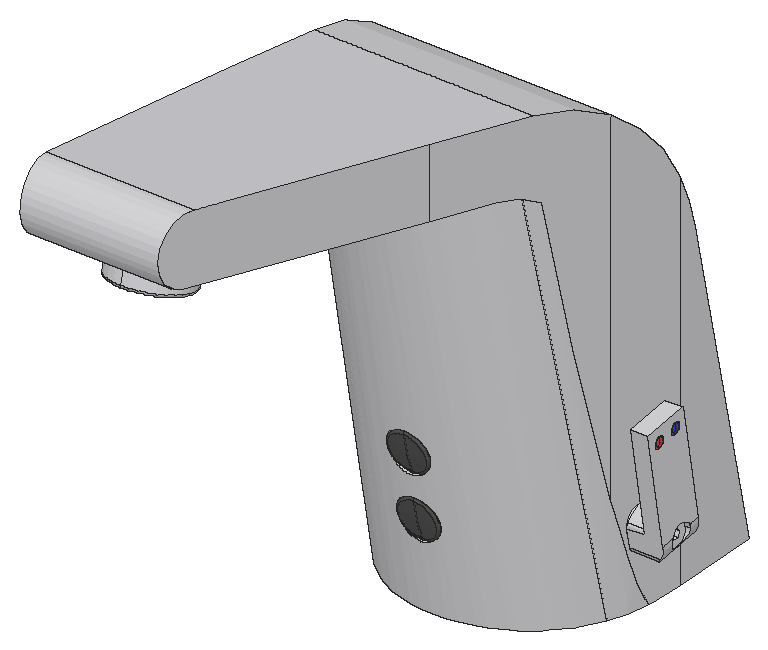
Revit family "Faucet_Touchless-Lavatory-KOHLER-CONTEMPORARY-K-13464T", category Plumbing Fixtures, host Face, Revit 2017
Family settings
  Host = Face
  Round Connector Dimension = Use Diameter
  Part Type = Normal
  OmniClass Number = 23.31.11.00
  OmniClass Title = Faucets
  Cut with Voids When Loaded = No
  Shared = No
  Room Calculation Point = No
Parameters (values of type "CP-Polished Chrome")
  Width = 2 153/256"  # constant formula
  WaterSense Certified = 1 = 0  # no
  Waste Water Outlet = "Waste Water Outlet"  # constant formula
  Waste Connection = 1 = 0  # no
  Voltage = 220 V  # constant formula
  Vent Connection = 1 = 0  # no
  URL = "http://www.kohler.com.cn/"
  Type = 1
  Tempered Water Inlet = "Tempered Water Inlet"  # constant formula
  Spout Reach = 4 123/128"  # constant formula
  Product Page URL = "https://www.kohler.com.cn/product/K-13464T-CP/K-13464T-CP/"
  Product Name = "CONTEMPORARY"  # constant formula
  Product Documentation Link = "https://files.kohler.com.cn/pdfs/k_13460_65t.pdf"
  Pressure = 45.00 psi  # constant formula
  Model = "K-13464T-CP"  # constant formula
  Material = "Premium Metal Construction"  # constant formula
  Master Format 2014 Name = "Residential Faucets, Supplies, and Trim"  # constant formula
  Master Format 2014 = "22 41 39"  # constant formula
  Manufacturer Address = "Kohler Beijing Office (100016) 36-2-03-B, No. 88, Liuxiang Road, Beijing"  # constant formula
  Manufacturer = "KOHLER Co."  # constant formula
  Length = Spout Reach  # 4 123/128"
  Hot Water Inlet = "Hot Water Inlet"  # constant formula
  Height = 5 53/64"  # constant formula
  Handle Clearance = 1 23/128"  # constant formula
  HW Connection = 1 = 1  # yes
  Flow Rate = 1.5 GPM  # constant formula
  Finish = Kohler-Metal-CP-Polished_Chrome
  Environmental Product Declaration = ""
  Electrical Note = ""
  Electrical Connector = 1 = 1  # yes
  Drain Included = 1 = 1  # yes
  Description = "Elegant type induction faucet AC (hot and cold mixed type with AC power box)"  # constant formula
  Default Elevation = 36"
  Declare Label = ""
  Date Modified = "09/10/2020"  # constant formula
  Date Created = "09/10/2020"  # constant formula
  Copyright = "Copyright KOHLER Co."  # constant formula
  Contact Us = "http://www.kohler.com.cn/contact/contact-us/"
  Cold Water Inlet = "Cold Water Inlet"  # constant formula
  CW Connection = 1 = 0  # no
  Assembly Code = "D2010"
  Apparent Load = 0 VA
  ADA Compliant = 1 = 0  # no
Reference planes (in)
  plane 1 "Center (Front/Back)": y = 0
  plane 2: z = 0
  plane 3 "Center (Left/Right)": x = 0
  plane 4: x = -1.29921
  plane 5: x = 1.29844
  plane 6: y = 1.29921
  plane 7: y = -1.29921
  plane 8: x = 1.70666
  plane 9: z = 5.82812
  plane 10: z = 4.72441
  plane 11: through (0, -5.7626, 1.04078) normal (0, -0.1736, 0.9848)
  plane 12: through (0, -4.86609, 0.00097) normal (0, -0.1736, 0.9848)
  plane 13: y = -4.96094
  plane 14: through (0, -0.59173, 1.89398) normal (0, 0.9848, 0.1736)
  plane 15: through (0, 0.07369, 0.76967) normal (0, -0.9848, -0.1736)
Dimensions and locks (in)
  "Width": plane 4 to plane 5
  plane 4 to plane 8 = 3.00587"
  "Handle Clearance": plane 11 to plane 12
  locked: plane 6 to plane 7 at 2.59843
  "Spout Reach": plane 1 "Center (Front/Back)" to plane 13
  "Height": plane 9 to plane 2
  locked: plane 10 to plane 2 at 4.72441
  aligned and locked: host face to plane 2
  aligned and locked: host face to level
Automatic sketch dimensions
  host sketch curve to host sketch curve = 96"  (x2)
Nested families (in)
  nested 1: "K-13464T" at (0, 0, 0), type "K-13464T"
Connectors (in)
  piping at (0, 0, 0), diameter 0.5, driven by "Flow Rate", driven by "Pressure", driven by "HW Connection", driven by "Tempered Water Inlet"
    settings: on nested 1, index 1, connector inside diameter 24", connector length 0", flow factor 0, pipe flow 1.5 GPM, pressure drop 45.00 psi, fitting loss kfactor 0, connector angle 0.00°, fixture units 0, engagement length 0", angle of deflection 0.00°, flow configuration 1, flow direction 1, fitting loss method 4, system type 19, joint type 0, gender type 0, connector reference index -1, connector utility 1, adjustable connector no, is connector primary yes, connector description "Tempered Water Inlet"
  electrical at (0, 0.92343, 1.62769), driven by "Voltage", driven by "Electrical Connector"
    settings: on nested 1, index 2, voltage 220 V, apparent load 0 VA, apparent load phase1 0 VA, apparent load phase2 0 VA, apparent load phase3 0 VA, power factor 1, load classification "Other", number of poles 1, system type 30, power factor state 1, is connector primary yes, connector utility yes, sub classification motor no, connector description ""
Definition of nested family "K-13464T"
  Parameters (values of type "K-13464T")
    Material = none
  Reference planes (in)
    plane 1 "Center (Front/Back)": y = 0
    plane 2: z = 0
    plane 3 "Center (Left/Right)": x = 0
    plane 4: z = 5.82677
    plane 5: x = -1.29921
    plane 6: x = 1.29921
    plane 7: y = -4.96063
    plane 8: z = 4.72441
    plane 9: y = 1.29921
    plane 10: y = -1.29921
    plane 11: z = 2.02623
    plane 12: x = 1.70666
    plane 13: through (0, -0.17386, 2.02623) normal (0, 0.1736, -0.9848)
    plane 14: z = 0.82799
    plane 15: through (0, -0.22375, 0.81854) normal (0, 0.1736, -0.9848)
  Forms (in)
    Extrusion 1, solid, material <- "Material", detail levels medium+fine
      sketch origin (0, 0, 0) x (0, 1, 0) y (0, 0, 1)
        loop
          line (1.29921, 0) -> (0.54765, 3.25539)
          arc (0.54765, 3.25539) -> (-0.14401, 4.47071) -> (-1.38923, 5.10698) r 2.44094
          line (-1.38923, 5.10698) -> (-5.34593, 5.83465)
          arc (-5.34593, 5.83465) -> (-5.75678, 5.55145) -> (-5.47357, 5.14061) r 0.35284
          line (-5.47357, 5.14061) -> (-1.82992, 4.47051)
          arc (-1.82992, 4.47051) -> (-1.11947, 4.10409) -> (-0.73199, 3.4049) r 1.37795
          line (-0.73199, 3.4049) -> (0, 0) -> (1.29921, 0)
      from -2.27181 to 2.30414
    Extrusion 2, void
      sketch origin (0, 0, 0) x (1, 0, 0) y (0, 1, 0)
        loop
          line (-1.28127, 0.34231) -> (-1.22143, 1.48412) -> (-2.59939, 1.48412) -> (-2.59939, -6.3899) -> (-0.63005, -6.3899)
          arc (-0.63005, -6.3899) -> (-0.86776, -4.51056) -> (-1.03469, -2.62361) r 50.40505
          arc (-1.03469, -2.62361) -> (-1.1248, -1.56497) -> (-1.24762, -0.50963) r 34.33878
          arc (-1.24762, -0.50963) -> (-1.28402, -0.08443) -> (-1.28127, 0.34231) r 4.64811
        loop
          arc (1.28127, 0.34231) -> (1.28402, -0.08443) -> (1.24762, -0.50963) r 4.64811
          arc (1.24762, -0.50963) -> (1.1248, -1.56497) -> (1.03469, -2.62361) r 34.33878
          arc (1.03469, -2.62361) -> (0.86776, -4.51056) -> (0.63005, -6.3899) r 50.40505
          line (0.63005, -6.3899) -> (2.59939, -6.3899) -> (2.59939, 1.48412) -> (1.22143, 1.48412) -> (1.28127, 0.34231)
      from -1.7998 to 5.95302
    Blend 3, solid, material <- "Material", detail levels medium+fine
      base sketch origin (0, 0, 0) x (1, 0, 0) y (0, 1, 0)
        loop
          arc (-1.28659, 0) -> (-1.25976, -0.26136) -> (-1.18041, -0.51181) r 1.28659
          arc (-1.18041, -0.51181) -> (0.00955, -1.28655) -> (1.18787, -0.49424) r 1.28659
          arc (1.18787, -0.49424) -> (1.26167, -0.252) -> (1.28659, 0) r 1.28659
          line (1.28659, 0) -> (-1.28659, 0)
      top sketch origin (0, 0, 0) x (1, 0, 0) y (0, 1, 0)
        loop
          arc (-1.06798, -1.5271) -> (0.00222, -2.18027) -> (1.07242, -1.5271) r 1.20333
          arc (1.07242, -1.5271) -> (1.23902, -1.16074) -> (1.36972, -0.78009) r 4.19118
          line (1.36972, -0.78009) -> (-1.36972, -0.78009)
          arc (-1.36972, -0.78009) -> (-1.23585, -1.16046) -> (-1.06798, -1.5271) r 4.43522
      from 0 to 4.60185
    Revolve 4, void
      sketch origin (0, 0, -0.01845) x (0, 1, 0) y (0, 0, 1)
        loop
          line (-1.76863, 1.62024) -> (-1.43457, 1.70975) -> (-1.4935, 1.9297) -> (-1.82757, 1.84019) -> (-1.76863, 1.62024)
        axis (-1.43457, 1.70975) -> (-1.76863, 1.62024)
      angle from 0 to 360
    Revolve 5, void
      sketch origin (0, 0, -0.73519) x (0, 1, 0) y (0, 0, 1)
        loop
          line (-1.65132, 1.65167) -> (-1.26342, 1.75561) -> (-1.32236, 1.97556) -> (-1.71025, 1.87162) -> (-1.65132, 1.65167)
        axis (-1.26342, 1.75561) -> (-1.65132, 1.65167)
      angle from 0 to 360
    Revolve 6, solid, detail levels medium+fine
      sketch origin (0, 0, 0) x (0, 1, 0) y (0, 0, 1)
        loop
          line (-1.43533, 1.69109) -> (-1.49235, 1.90386) -> (-1.64209, 1.86374)
          arc (-1.64209, 1.86374) -> (-1.65584, 1.85391) -> (-1.65974, 1.83747) r 0.02407
          arc (-1.65974, 1.83747) -> (-1.64389, 1.7387) -> (-1.62152, 1.6412) r 1.50433
          line (-1.62152, 1.6412) -> (-1.43533, 1.69109)
        axis (-1.62152, 1.6412) -> (-1.43533, 1.69109)
      angle from 0 to 360
    Revolve 7, solid, detail levels medium+fine
      sketch origin (0, 0.17191, -0.67067) x (0, 1, 0) y (0, 0, 1)
        loop
          line (-1.43533, 1.69109) -> (-1.49292, 1.90602) -> (-1.68515, 1.85451)
          arc (-1.68515, 1.85451) -> (-1.6989, 1.84469) -> (-1.7028, 1.82825) r 0.02407
          arc (-1.7028, 1.82825) -> (-1.68674, 1.72838) -> (-1.66401, 1.62982) r 1.50433
          line (-1.66401, 1.62982) -> (-1.43533, 1.69109)
        axis (-1.66401, 1.62982) -> (-1.43533, 1.69109)
      angle from 0 to 360
    Revolve 8, solid, material <- "Material", detail levels medium+fine
      sketch origin (0, 0.03202, -0.09216) x (0, 1, 0) y (0, 0, 1)
        loop
          line (-5.36316, 4.91585) -> (-5.3273, 4.90624) -> (-5.30743, 4.9804) -> (-5.2713, 4.97072) -> (-5.282, 4.93079) -> (-4.98348, 4.8508) -> (-4.87612, 5.25148) -> (-5.26763, 5.35639) -> (-5.37854, 4.94248)
          arc (-5.37854, 4.94248) -> (-5.37636, 4.92598) -> (-5.36316, 4.91585) r 0.02174
        axis (-4.87612, 5.25148) -> (-4.99265, 4.81657)
      angle from 0 to 360
    Extrusion 9, solid, material <- "Material", detail levels medium+fine
      sketch origin (-5.59052, -0.01717, -0.01626) x (0, 0.984808, 0.173648) y (0, -0.173648, 0.984808)
        loop
          arc (-0.23412, 0.75822) -> (-0.22957, 0.73549) -> (-0.21663, 0.71626) r 0.05906
          arc (-0.21663, 0.71626) -> (-0.00408, 0.6288) -> (0.20847, 0.71626) r 0.302
          arc (0.20847, 0.71626) -> (0.22141, 0.73549) -> (0.22596, 0.75822) r 0.05906
          line (0.22596, 0.75822) -> (0.22596, 0.95777)
          arc (0.22596, 0.95777) -> (0.22141, 0.9805) -> (0.20847, 0.99972) r 0.05906
          arc (0.20847, 0.99972) -> (-0.00408, 1.08719) -> (-0.21663, 0.99972) r 0.302
          arc (-0.21663, 0.99972) -> (-0.22957, 0.9805) -> (-0.23412, 0.95777) r 0.05906
          line (-0.23412, 0.95777) -> (-0.23412, 0.75822)
      from 6.92911 to 7.58544
    Extrusion 10, solid, material <- "Material", detail levels medium+fine
      sketch origin (-5.59052, -0.01717, -0.01626) x (1, 0, 0) y (0, 0.984808, 0.173648)
        loop
          line (7.29718, 0.22596) -> (7.11308, 0.22596) -> (7.11308, -0.23412) -> (7.29718, -0.23412) -> (7.29718, 0.22596)
      from 0.92109 to 2.16246
    Extrusion 11, void
      sketch origin (-5.59052, -0.01717, -0.01626) x (1, 0, 0) y (0, -0.173648, 0.984808)
        loop
          line (6.9518, 0.6288) -> (6.9518, 0.41306) -> (7.64995, 0.41306) -> (7.64995, 1.237) -> (7.29718, 1.237) -> (7.29718, 0.90439)
          arc (7.29718, 0.90439) -> (7.21646, 0.70952) -> (7.02159, 0.6288) r 0.27559
          line (7.02159, 0.6288) -> (6.9518, 0.6288)
      from -0.31251 to 0.34808
    Extrusion 12, void
      sketch origin (-5.59052, -0.01717, -0.01626) x (0, 0.984808, 0.173648) y (0, -0.173648, 0.984808)
        loop
          circle (0, 0.85799) r 0.12844
      from 7.14069 to 7.39134
    Extrusion 13, solid, material <- "Material", detail levels medium+fine
      sketch origin (-5.59052, -0.01717, -0.01626) x (0, 0.984808, 0.173648) y (0, -0.173648, 0.984808)
        loop
          circle (0, 0.85799) r 0.11811
        loop
          line (-0.05847, 0.85799) -> (-0.02924, 0.80735) -> (0.02924, 0.80735) -> (0.05847, 0.85799) -> (0.02924, 0.90863) -> (-0.02924, 0.90863) -> (-0.05847, 0.85799)
      from 7.14069 to 7.2366
    Extrusion 14, void
      sketch origin (0, 0, 0) x (0, 1, 0) y (0, 0, 1)
        loop
          line (-0.92216, 1.89428) -> (0.35819, 2.12004) -> (0.29713, 2.46638) -> (-0.98323, 2.24062) -> (-0.92216, 1.89428)
      from 1.40447 to 1.92644
    Revolve 15, solid, material <- "Material", detail levels medium+fine
      sketch origin (0, -0.16616, 0.00071) x (1, 0, 0) y (0, 0, 1)
        loop
          line (1.33859, 0.82799) -> (1.33859, 1.00447) -> (1.01179, 1.00447) -> (1.01179, 0.82799) -> (1.33859, 0.82799)
        axis (1.01179, 0.82799) -> (1.33859, 0.82799)
      angle from 0 to 360
    Extrusion 16, void
      sketch origin (0, 0, 0) x (0, 1, 0) y (0, 0, 1)
        loop
          circle (-0.45578, 1.83693) r 0.06349
        loop
          circle (-0.24721, 1.8748) r 0.06349
      from 1.59977 to 1.74802
    Revolve 17, solid, detail levels medium+fine
      sketch origin (0, -0.24721, 0) x (1, 0, 0) y (0, 0, 1)
        loop
          line (1.59977, 1.93829) -> (1.59977, 1.8748) -> (1.70666, 1.8748)
          arc (1.70666, 1.8748) -> (1.70593, 1.897) -> (1.70375, 1.91911) r 0.33922
          arc (1.70375, 1.91911) -> (1.69642, 1.93281) -> (1.68188, 1.93829) r 0.02206
          line (1.68188, 1.93829) -> (1.59977, 1.93829)
        axis (1.70666, 1.8748) -> (1.59977, 1.8748)
      angle from 0 to 360
    Revolve 18, solid, detail levels medium+fine
      sketch origin (0, -0.45453, -0.03883) x (1, 0, 0) y (0, 0, 1)
        loop
          line (1.59977, 1.93829) -> (1.59977, 1.8748) -> (1.70666, 1.8748)
          arc (1.70666, 1.8748) -> (1.70593, 1.897) -> (1.70375, 1.91911) r 0.33922
          arc (1.70375, 1.91911) -> (1.69642, 1.93281) -> (1.68188, 1.93829) r 0.02206
          line (1.68188, 1.93829) -> (1.59977, 1.93829)
        axis (1.70666, 1.8748) -> (1.59977, 1.8748)
      angle from 0 to 360
    Revolve 19, void
      sketch origin (0, 0, 0) x (0, 1, 0) y (0, 0, 1)
        loop
          line (-4.97091, 4.68605) -> (-4.85166, 5.13109) -> (-5.28554, 5.24735) -> (-5.40479, 4.8023) -> (-4.97091, 4.68605)
        axis (-4.85166, 5.13109) -> (-4.97091, 4.68605)
      angle from 0 to 360
    Extrusion 20, solid, material <- "Material", detail levels coarse
      sketch origin (0, 0, 0) x (0, 1, 0) y (0, 0, 1)
        loop
          line (1.29921, 0) -> (0.1871, 4.81707) -> (-5.7626, 5.91128) -> (-5.7626, 5.19376) -> (-2.16764, 4.53262) -> (-1.28659, 0) -> (1.29921, 0)
      from -1.26438 to 1.33859
    Revolve 21, solid, material <- "Material", detail levels coarse
      sketch origin (0, 0, 0) x (0, 1, 0) y (0, 0, 1)
        loop
          line (-4.84446, 5.20298) -> (-5.22475, 5.30488) -> (-5.35217, 4.82932) -> (-4.97189, 4.72743) -> (-4.84446, 5.20298)
        axis (-4.84446, 5.20298) -> (-4.97189, 4.72743)
      angle from 0 to 360
    Extrusion 22, solid, material <- "Material", detail levels coarse
      sketch origin (0, 0.14089, 0.04686) x (1, 0, 0) y (0, -0.173648, 0.984808)
        loop
          line (1.52256, 1.06292) -> (1.01353, 1.06292) -> (1.01353, 0.59305) -> (1.70666, 0.59305) -> (1.70666, 2.02623) -> (1.52256, 2.02623) -> (1.52256, 1.06292)
      from -0.06541 to 0.41069
    Extrusion 23, solid, material <- "Material", detail levels medium+fine
      sketch origin (0, 0, 0) x (1, 0, 0) y (0, 1, 0)
        loop
          circle (0, 0) r 0.09843
      from 0 to 0.06968
  Cuts and joins
    Extrusion 2, Revolve 19 cuts Extrusion 1
    Extrusion 2, Revolve 4, Revolve 5 cuts Blend 3
    Extrusion 11, Extrusion 12, Extrusion 14, Extrusion 16 cuts Extrusion 9
    Extrusion 12, Extrusion 14, Extrusion 16 cuts Extrusion 10
    joined: Extrusion 1, Blend 3, Revolve 8, Extrusion 9, Extrusion 10, Extrusion 13, Revolve 15
    joined: Revolve 6, Revolve 7
    joined: Extrusion 20, Revolve 21, Extrusion 22
  Lines and regions (in)
    Masking region 1
      outline origin (0, 0, 0) x (1, 0, 0) y (0, 0, 1)
        loop
          arc (-0.75356, 5.82677) -> (-0.77308, 5.82159) -> (-0.78746, 5.80742) r 0.03937
          arc (-0.78746, 5.80742) -> (-1.00931, 5.39333) -> (-1.19595, 4.96222) r 5.64136
          arc (-1.19595, 4.96222) -> (-1.26209, 4.6495) -> (-1.28497, 4.33069) r 2.33902
          line (-1.28497, 4.33069) -> (-1.29921, 0) -> (1.29921, 0) -> (1.29707, 0.65079) -> (1.33859, 0.65079) -> (1.33859, 0.61735)
          arc (1.33859, 0.61735) -> (1.34339, 0.60241) -> (1.35599, 0.59305) r 0.02566
          line (1.35599, 0.59305) -> (1.47762, 0.59305)
          arc (1.47762, 0.59305) -> (1.63958, 0.66014) -> (1.70666, 0.82209) r 0.22903
          line (1.70666, 0.82209) -> (1.70666, 1.99116)
          arc (1.70666, 1.99116) -> (1.69639, 2.01595) -> (1.67159, 2.02623) r 0.03507
          line (1.67159, 2.02623) -> (1.55533, 2.02623)
          arc (1.55533, 2.02623) -> (1.53216, 2.01663) -> (1.52256, 1.99346) r 0.03276
          line (1.52256, 1.99346) -> (1.52256, 1.13347)
          arc (1.52256, 1.13347) -> (1.5019, 1.08358) -> (1.45201, 1.06292) r 0.07055
          line (1.45201, 1.06292) -> (1.35599, 1.06292)
          arc (1.35599, 1.06292) -> (1.34339, 1.05357) -> (1.33859, 1.03862) r 0.02566
          line (1.33859, 1.03862) -> (1.33859, 1.00518) -> (1.29591, 1.00518) -> (1.28497, 4.33069)
          arc (1.28497, 4.33069) -> (1.26209, 4.6495) -> (1.19595, 4.96222) r 2.33902
          arc (1.19595, 4.96222) -> (1.00931, 5.39333) -> (0.78746, 5.80742) r 5.64136
          arc (0.78746, 5.80742) -> (0.77308, 5.82159) -> (0.75356, 5.82677) r 0.03937
          line (0.75356, 5.82677) -> (-0.75356, 5.82677)
    Masking region 2
      outline origin (0, 0, 0) x (0, 1, 0) y (0, 0, 1)
        loop
          line (-1.38923, 5.10698) -> (-5.30309, 5.82677)
          arc (-5.30309, 5.82677) -> (-5.5487, 5.78544) -> (-5.71769, 5.60247) r 0.38521
          arc (-5.71769, 5.60247) -> (-5.70757, 5.31237) -> (-5.47357, 5.14061) r 0.33274
          line (-5.47357, 5.14061) -> (-5.27714, 5.10448) -> (-5.34378, 4.85579)
          arc (-5.34378, 4.85579) -> (-5.34101, 4.83474) -> (-5.32417, 4.82182) r 0.02773
          line (-5.32417, 4.82182) -> (-4.59401, 4.62617)
          arc (-4.59401, 4.62617) -> (-4.57538, 4.62862) -> (-4.56395, 4.64353) r 0.02454
          line (-4.56395, 4.64353) -> (-4.47973, 4.95783) -> (-2.84081, 4.65642)
          arc (-2.84081, 4.65642) -> (-2.32639, 4.38788) -> (-2.05267, 3.8762) r 0.98425
          line (-2.05267, 3.8762) -> (-1.29921, 0) -> (1.29921, 0) -> (0.54765, 3.25539)
          arc (0.54765, 3.25539) -> (-0.14401, 4.47071) -> (-1.38923, 5.10698) r 2.44094
    Masking region 3
      outline origin (0, 0, 0) x (1, 0, 0) y (0, 1, 0)
        loop
          line (-1.23112, 1.29921) -> (-1.28127, 0.34231)
          arc (-1.28127, 0.34231) -> (-1.29472, 0.17139) -> (-1.29921, 0) r 3.27478
          arc (-1.29921, 0) -> (-1.28628, -0.25612) -> (-1.24762, -0.50963) r 2.54272
          arc (-1.24762, -0.50963) -> (-1.1248, -1.56497) -> (-1.03469, -2.62361) r 34.33878
          arc (-1.03469, -2.62361) -> (-0.9006, -4.19559) -> (-0.71738, -5.76259) r 50.40505
          line (-0.71738, -5.76259) -> (0.71738, -5.76259)
          arc (0.71738, -5.76259) -> (0.9006, -4.19559) -> (1.03469, -2.62361) r 50.40505
          arc (1.03469, -2.62361) -> (1.1248, -1.56497) -> (1.24762, -0.50963) r 34.33878
          arc (1.24762, -0.50963) -> (1.26321, -0.42637) -> (1.27602, -0.34265) r 2.54272
          line (1.27602, -0.34265) -> (1.33859, -0.34265) -> (1.33859, -0.41495) -> (1.48467, -0.41495)
          arc (1.48467, -0.41495) -> (1.51146, -0.42605) -> (1.52256, -0.45284) r 0.03789
          line (1.52256, -0.45284) -> (1.52256, -0.57419)
          arc (1.52256, -0.57419) -> (1.53063, -0.59368) -> (1.55012, -0.60175) r 0.02756
          line (1.55012, -0.60175) -> (1.6791, -0.60175)
          arc (1.6791, -0.60175) -> (1.69859, -0.59368) -> (1.70666, -0.57419) r 0.02756
          line (1.70666, -0.57419) -> (1.70666, 0.04403)
          arc (1.70666, 0.04403) -> (1.68466, 0.06575) -> (1.65477, 0.07369) r 0.06021
          line (1.65477, 0.07369) -> (1.33859, 0.07369) -> (1.33859, 0.01032) -> (1.2992, 0.01032)
          arc (1.2992, 0.01032) -> (1.29445, 0.17654) -> (1.28127, 0.34231) r 3.27478
          line (1.28127, 0.34231) -> (1.23112, 1.29921) -> (-1.23112, 1.29921)
    symbolic lines, detail levels medium+fine
      curve 1: line (1.29591, 0, 1.00518) -> (1.29707, 0, 0.65079)
      curve 2: line (1.33859, 0, 1.00518) -> (1.33859, 0, 0.65221)
      curve 3: line (1.33859, 0, 0.8863) -> (1.46351, 0, 0.8863)
      curve 4: line (1.33859, 0, 0.65221) -> (1.48989, 0, 0.65221)
      curve 5: line (1.52256, 0, 1.13347) -> (1.52256, 0, 0.94536)
      curve 6: arc (1.52256, 0, 0.94536) -> (1.50526, 0, 0.9036) -> (1.46351, 0, 0.8863) r 0.05906
      curve 7: arc (1.48989, 0, 0.65221) -> (1.63783, 0, 0.71032) -> (1.70666, 0, 0.85359) r 0.21736
      curve 8: line (1.54794, 0, 1.95078) -> (1.67692, 0, 1.95078)
      curve 9: arc (1.67692, 0, 1.95078) -> (1.69731, 0, 1.94271) -> (1.70666, 0, 1.92287) r 0.02979
      curve 10: arc (1.52256, 0, 1.92236) -> (1.52889, 0, 1.94225) -> (1.54794, 0, 1.95078) r 0.02555
      curve 11: line (0, 0, 1.42126) -> (0, 0, 1.86941)
      curve 12: line (0, 0, 1.86941) -> (0, 0, 1.42126)
      curve 13: line (0, 0, 0.73997) -> (0, 0, 1.18813)
      curve 14: line (0, 0, 1.18813) -> (0, 0, 0.73997)
      curve 15: circle (0, 0, 1.65072) r 0.2187 normal (0, -1, 0)
      curve 16: circle (0, 0, 0.96943) r 0.2187 normal (0, -1, 0)
      curve 17: arc (-1.09915, 0, 4.47051) -> (-0.95168, 0, 4.81845) -> (-0.75913, 0, 5.14362) r 2.82844
      curve 18: spline (-0.75913, 0, 5.14362) -> (-0.74705, 0, 5.15525) -> (-0.7358, 0, 5.18934) -> (-0.72613, 0, 5.24358) -> (-0.71871, 0, 5.31426) -> (-0.71405, 0, 5.39656) -> (-0.71246, 0, 5.48489) -> (-0.71405, 0, 5.57322) -> (-0.71871, 0, 5.65552) -> (-0.72613, 0, 5.7262) -> (-0.7358, 0, 5.78044) -> (-0.74705, 0, 5.81453) -> (-0.75913, 0, 5.82616)
      curve 19: arc (-1.28783, 0, 3.46313) -> (-1.23105, 0, 3.97385) -> (-1.09915, 0, 4.47051) r 3.45456
      curve 20: arc (1.09915, 0, 4.47051) -> (0.95168, 0, 4.81845) -> (0.75913, 0, 5.14362) r 2.82844
      curve 21: spline (0.75913, 0, 5.14362) -> (0.74705, 0, 5.15525) -> (0.7358, 0, 5.18934) -> (0.72613, 0, 5.24358) -> (0.71871, 0, 5.31426) -> (0.71405, 0, 5.39656) -> (0.71246, 0, 5.48489) -> (0.71405, 0, 5.57322) -> (0.71871, 0, 5.65552) -> (0.72613, 0, 5.7262) -> (0.7358, 0, 5.78044) -> (0.74705, 0, 5.81453) -> (0.75913, 0, 5.82616)
      curve 22: arc (1.28783, 0, 3.46313) -> (1.23105, 0, 3.97385) -> (1.09915, 0, 4.47051) r 3.45456
      curve 23: line (-0.75913, 0, 5.14362) -> (0.75913, 0, 5.14362)
      curve 24: arc (-0.34078, 0, 5.08546) -> (-0.17093, 0, 5.10588) -> (0, 0, 5.1127) r 2.14539
      curve 25: arc (-0.44146, 0, 5.04642) -> (-0.39318, 0, 5.07126) -> (-0.34078, 0, 5.08546) r 0.25853
      curve 26: arc (-0.44146, 0, 5.0156) -> (-0.44978, 0, 5.03101) -> (-0.44146, 0, 5.04642) r 0.01843
      curve 27: arc (-0.40575, 0, 4.99604) -> (-0.42399, 0, 5.00512) -> (-0.44146, 0, 5.0156) r 0.25731
      curve 28: line (-0.40575, 0, 5.066) -> (-0.40575, 0, 4.75139)
      curve 29: arc (-0.21785, 0, 4.63897) -> (-0.10923, 0, 4.62682) -> (0, 0, 4.62276) r 1.47181
      curve 30: arc (-0.36511, 0, 4.68964) -> (-0.2938, 0, 4.65756) -> (-0.21785, 0, 4.63897) r 0.42836
      curve 31: arc (-0.39551, 0, 4.7153) -> (-0.38151, 0, 4.70104) -> (-0.36511, 0, 4.68964) r 0.10694
      curve 32: arc (-0.40575, 0, 4.75139) -> (-0.40434, 0, 4.73229) -> (-0.39551, 0, 4.7153) r 0.04752
      curve 33: spline (0, 0, 4.81408) -> (-0.08967, 0, 4.81102) -> (-0.17323, 0, 4.80207) -> (-0.24498, 0, 4.78782) -> (-0.30004, 0, 4.76924) -> (-0.33465, 0, 4.74762) -> (-0.34646, 0, 4.72441) -> (-0.33465, 0, 4.7012) -> (-0.30004, 0, 4.67957) -> (-0.24498, 0, 4.661) -> (-0.17323, 0, 4.64675) -> (-0.08967, 0, 4.6378) -> (0, 0, 4.63474)
      curve 34: spline (0, 0, 4.63474) -> (0.08967, 0, 4.6378) -> (0.17323, 0, 4.64675) -> (0.24498, 0, 4.661) -> (0.30004, 0, 4.67957) -> (0.33465, 0, 4.7012) -> (0.34646, 0, 4.72441) -> (0.33465, 0, 4.74762) -> (0.30004, 0, 4.76924) -> (0.24498, 0, 4.78782) -> (0.17323, 0, 4.80207) -> (0.08967, 0, 4.81102) -> (0, 0, 4.81408)
      curve 35: spline (0.00104, 0, 4.67865) -> (-0.04228, 0, 4.67943) -> (-0.08474, 0, 4.68177) -> (-0.12553, 0, 4.68561) -> (-0.16383, 0, 4.69089) -> (-0.1989, 0, 4.69749) -> (-0.23005, 0, 4.7053) -> (-0.25667, 0, 4.71415) -> (-0.27823, 0, 4.72387) -> (-0.29432, 0, 4.73427) -> (-0.30462, 0, 4.74515) -> (-0.30892, 0, 4.7563) -> (-0.30715, 0, 4.76749)
      curve 36: spline (0.30837, 0, 4.76708) -> (0.30992, 0, 4.75592) -> (0.30545, 0, 4.74482) -> (0.29505, 0, 4.73398) -> (0.27891, 0, 4.72362) -> (0.25737, 0, 4.71395) -> (0.23082, 0, 4.70514) -> (0.1998, 0, 4.69738) -> (0.16491, 0, 4.69082) -> (0.12682, 0, 4.68557) -> (0.08628, 0, 4.68175) -> (0.04408, 0, 4.67943) -> (0.00104, 0, 4.67865)
      curve 37: arc (-0.29461, 0, 4.80361) -> (-0.14834, 0, 4.82984) -> (0, 0, 4.83862) r 1.25685
      curve 38: arc (-0.38435, 0, 4.74953) -> (-0.34365, 0, 4.78348) -> (-0.29461, 0, 4.80361) r 0.17404
      curve 39: arc (-0.37781, 0, 4.69805) -> (-0.39271, 0, 4.72231) -> (-0.38435, 0, 4.74953) r 0.03456
      curve 40: arc (0.21785, 0, 4.63897) -> (0.10923, 0, 4.62682) -> (0, 0, 4.62276) r 1.47181
      curve 41: arc (0.36511, 0, 4.68964) -> (0.2938, 0, 4.65756) -> (0.21785, 0, 4.63897) r 0.42836
      curve 42: arc (0.29461, 0, 4.80361) -> (0.14834, 0, 4.82984) -> (0, 0, 4.83862) r 1.25685
      curve 43: arc (0.38435, 0, 4.74953) -> (0.34365, 0, 4.78348) -> (0.29461, 0, 4.80361) r 0.17404
      curve 44: arc (0.37781, 0, 4.69805) -> (0.39271, 0, 4.72231) -> (0.38435, 0, 4.74953) r 0.03456
      curve 45: arc (0.39551, 0, 4.7153) -> (0.38151, 0, 4.70104) -> (0.36511, 0, 4.68964) r 0.10694
      curve 46: line (0.40575, 0, 5.066) -> (0.40575, 0, 4.75139)
      curve 47: arc (0.40575, 0, 4.75139) -> (0.40434, 0, 4.73229) -> (0.39551, 0, 4.7153) r 0.04752
      curve 48: arc (0.34078, 0, 5.08546) -> (0.17093, 0, 5.10588) -> (0, 0, 5.1127) r 2.14539
      curve 49: arc (0.44146, 0, 5.04642) -> (0.39318, 0, 5.07126) -> (0.34078, 0, 5.08546) r 0.25853
      curve 50: arc (0.44146, 0, 5.0156) -> (0.44978, 0, 5.03101) -> (0.44146, 0, 5.04642) r 0.01843
      curve 51: arc (0.40575, 0, 4.99604) -> (0.42399, 0, 5.00512) -> (0.44146, 0, 5.0156) r 0.25731
      curve 52: line (0, -5.27714, 5.10448) -> (0, -4.47973, 4.95783)
      curve 53: line (0, 0, 0) -> (0, -0.18282, 0.59769)
      curve 54: line (0, -0.58875, 1.92474) -> (0, -1.15667, 3.78141)
      curve 55: line (0, -2.84081, 4.65642) -> (0, -1.95593, 4.49368)
      curve 56: arc (0, -1.95593, 4.49368) -> (0, -1.45658, 4.24944) -> (0, -1.15667, 3.78141) r 1.03079
      curve 57: arc (0, -0.35489, 0.6515) -> (0, -0.13038, 0.60228) -> (0, 0.06375, 0.72532) r 0.302
      curve 58: arc (0, -0.3794, 0.68978) -> (0, -0.37098, 0.66819) -> (0, -0.35489, 0.6515) r 0.05906
      curve 59: arc (0, 0.06375, 0.72532) -> (0, 0.07316, 0.7465) -> (0, 0.07369, 0.76967) r 0.05906
      curve 60: line (0, 0.07369, 0.76967) -> (0, -0.1384, 1.97251)
      curve 61: line (0, -0.59173, 1.89398) -> (0, -0.3794, 0.68978)
      curve 62: line (0, -0.54495, 1.96079) -> (0, -0.20681, 2.02042)
      curve 63: arc (0, -0.54495, 1.96079) -> (0, -0.58218, 1.93707) -> (0, -0.59173, 1.89398) r 0.05768
      curve 64: arc (0, -0.20681, 2.02042) -> (0, -0.16269, 2.01063) -> (0, -0.1384, 1.97251) r 0.05906
      curve 65: arc (0, -0.03967, 0.851) -> (0, -0.18847, 0.95518) -> (0, -0.29265, 0.80639) r 0.12844
      curve 66: arc (0, -0.29265, 0.80639) -> (0, -0.14386, 0.7022) -> (0, -0.03967, 0.851) r 0.12844
      curve 67: arc (0, -0.04985, 0.8492) -> (0, -0.18667, 0.94501) -> (0, -0.28248, 0.80818) r 0.11811
      curve 68: arc (0, -0.28248, 0.80818) -> (0, -0.14565, 0.71238) -> (0, -0.04985, 0.8492) r 0.11811
      curve 69: line (0, -0.22375, 0.81854) -> (0, -0.20375, 0.87349)
      curve 70: line (0, -0.20375, 0.87349) -> (0, -0.14616, 0.88364)
      curve 71: line (0, -0.14616, 0.88364) -> (0, -0.10858, 0.83885)
      curve 72: line (0, -0.10858, 0.83885) -> (0, -0.12858, 0.7839)
      curve 73: line (0, -0.12858, 0.7839) -> (0, -0.18616, 0.77375)
      curve 74: line (0, -0.18616, 0.77375) -> (0, -0.22375, 0.81854)
      curve 75: circle (0, -0.45578, 1.83693) r 0.06349 normal (1, 0, 0)
      curve 76: circle (0, -0.24721, 1.8748) r 0.06349 normal (1, 0, 0)
      curve 77: arc (0, -1.53255, 1.20044) -> (0, -1.46956, 0.99641) -> (0, -1.45154, 0.78365) r 0.99507
      curve 78: arc (0, -1.66155, 1.86407) -> (0, -1.59855, 1.66005) -> (0, -1.58054, 1.44728) r 0.99507
      curve 79: arc (1.2992, 0.01032, 0) -> (1.29771, -0.16683, 0) -> (1.27602, -0.34265, 0) r 1.54951
      curve 80: line (1.33859, 0.01032, 0) -> (1.33859, -0.34265, 0)
      curve 81: line (1.33859, 0.03904, 0) -> (1.48873, 0.03904, 0)
      curve 82: line (1.52256, -0.14866, 0) -> (1.52256, 0.00972, 0)
      curve 83: line (1.5514, -0.14866, 0) -> (1.67746, -0.14866, 0)
      curve 84: line (1.52256, -0.14866, 0) -> (1.52256, -0.45284, 0)
      curve 85: arc (1.48873, 0.03904, 0) -> (1.51111, 0.03069, 0) -> (1.52256, 0.00972, 0) r 0.03418
      curve 86: arc (1.52256, -0.18308, 0) -> (1.52895, -0.15914, 0) -> (1.5514, -0.14866, 0) r 0.02929
      curve 87: arc (1.67746, -0.14866, 0) -> (1.69687, -0.15595, 0) -> (1.70666, -0.17422, 0) r 0.02945
  Dimensions and locks (in)
    plane 4 to plane 2 = 5.82677"
    locked: plane 1 "Center (Front/Back)" to plane 7 at 4.96063
    locked: plane 8 to plane 2 at 4.72441
    locked: plane 15 to plane 13 at 1.18068
    aligned and locked: plane 2 to level
